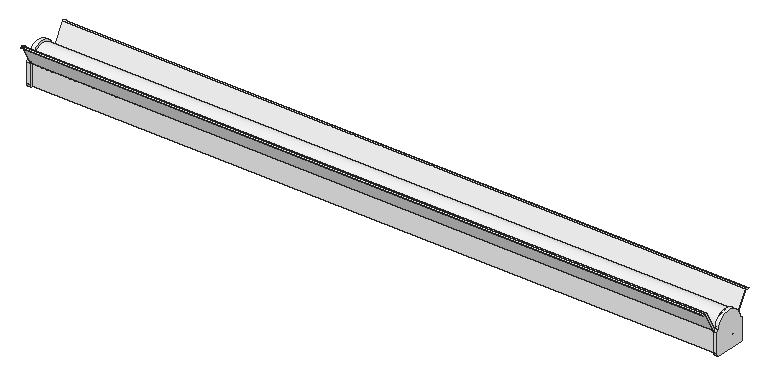
Revit family "0045186+0045235 Feilo Sylvania Lighting Fixture SYLBATTEN LED4 6000K TP3 with SYMMETRIC REFLECTOR ACCESSORY 1500MM", category Lighting Fixtures, host Face, Revit 2017
Family settings
  Host = Face
  Round Connector Dimension = Use Diameter
  Part Type = Normal
  OmniClass Number = 23.80.70.00
  OmniClass Title = Lighting
  Cut with Voids When Loaded = No
  Light Source = Yes
  Shared = No
  Room Calculation Point = No
Parameters (values of type "0045186 SYLBATTEN LED4 6000K TP3")
  Width_FEILO = 66 mm
  Weight = "3.17 kg"
  Wattage Comments = "n/a"
  Wattage = 39 W
  WarrantyStartDate [instance] = "n/a"
  WarrantyGuarantorParts = "n/a"
  WarrantyDurationUnit = "n/a"
  WarrantyDurationParts = "n/a"
  WarrantyDescription = "n/a"
  built-in parameter 1150110 = 1 (stored number, unit not read)
  Voltage = 230 V
  URL = "http://www.sylvania-lighting.com"
  TypeName = "SYLBATTEN LED4 6000K TP3"
  Type Image = <None>
  Type Comments = "n/a"
  built-in parameter 1114217 = 1 (stored number, unit not read)
  Tilt Angle = -90.00°
  built-in parameter 1150109 = 1 (stored number, unit not read)
  built-in parameter 1150134 = 5
  SymReflector_FEILO = yes
  built-in parameter 1150113 = 1 (stored number, unit not read)
  SerialNumber [instance] = "n/a"
  PowerFactor = 0
  PowerConsumption = "39 W"
  Photometric Web File = "0045186+0045235.ies"
  NominalLength = 1505 mm
  NominalHeight = 91 mm
  NominalDepth = 122 mm
  Name = "SYLBATTEN LED4 6000K TP3"
  ModelReference = Name  # "SYLBATTEN LED4 6000K TP3"
  ModelNumber = "0045186"
  Model = Name  # "SYLBATTEN LED4 6000K TP3"
  Material_4_FEILO = Reflector-Sylvania-Sylbatten-White
  Material_3_FEILO = Diffuser-Sylvania-Sylbatten-Glow
  Material_2_FEILO = Body-Sylvania-Sylbatten-White
  Material_1_FEILO = Body-Sylvania-Sylbatten-White
  Material = "sheet steel housing, polycarbonate diffuser"
  ManufacturerName = "Feilo Sylvania"
  Manufacturer = "Feilo Sylvania"
  LuminousEfficacy = "112.2 lm/W"
  built-in parameter 1150105 = 348.31 (stored number, unit not read)
  Lumens = 4376.97 lm
  LuminaireType = ""
  built-in parameter 1150115 = 1 (stored number, unit not read)
  LightOutputRatio = "100"
  built-in parameter 1150137 = (empty or 0)
  built-in parameter 1150139 = (empty or 0)
  Length_FEILO = 1505 mm
  LampsType = Lamp  # "LED"
  LampNominalLuminous = "4377 lm"
  LampMacAdamStep = "n/a"
  LampColourTemperature = "6000 K"
  LampColourRenderingIndex = "80"
  built-in parameter 1150112 = 1 (stored number, unit not read)
  built-in parameter 1150114 = 1 (stored number, unit not read)
  Lamp = "LED"
  Keynote = "16500"
  InstallationDate [instance] = "n/a"
  InputVoltage = "220-240V~"
  InputNominalFrequency = "n/a"
  built-in parameter 1150132 = (empty or 0)
  built-in parameter 1150102 = (empty or 0)
  built-in parameter 1150107 = 6000 (stored number, unit not read)
  built-in parameter 1150138 = (empty or 0)
  IngressProtection = "IP20"
  ImpactProtectionIndex = "IK07"
  built-in parameter 1150106 = 3.4831 (stored number, unit not read)
  IfcExportType = "IfcLightFixtureType"
  IfcExportAs = "IfcLightFixtureType"
  Height_FEILO = 76 mm
  ExpectedLife = 50000
  Emit from Rectangle Width = Length_FEILO - 16 mm  # 1489 mm
  Emit from Rectangle Length = Width_FEILO - 40 mm  # 26 mm
  Emit Shape Visible in Rendering = no
  ElectricShockClassification = "Class I"
  built-in parameter 1150104 = 10.427 (stored number, unit not read)
  DurationUnit = "hours"
  DocumentationLiterature = "http://www.sylvania-lighting.com/product/en-int/products/0045186"
  DimmingControlOptions = "n/a"
  Dimming Lamp Color Temperature Shift = <None>
  Description = "LED batten, T8 replacement, ease of installation through 2 part push-in design of the housing (safety cable included), through wiring capability (TP3 = 3 core), sheet steel, 4377M, 39W, 112m/W, 6000K, drive current: 350mA, CRI 80, 138° wide beam angle, electronic driver (non dimmable), IP20, IK07, 50,000 hrs (L70), (LxWxH) 1505x66x76mm, 5 step MacAdam ellipse, 3.7kg, white RAL 9016, Class 1, 220-240V, energy class: A++, A+, A."
  Default Elevation = 1219.2 mm
  CreatedOn = "1/25/2018"
  CreatedBy = ""
  Cost = 0
  Color Filter = 16777215
  built-in parameter 1114216 [instance] = (empty or 0)
  ClassificationValue = "EF_70_80"
  ClassificationName = "Uniclass2015"
  CapOffset_FEILO = 2 mm
  BarCode [instance] = "n/a"
  built-in parameter 1114218 = 1 (stored number, unit not read)
  BackReflector_FEILO = and(not(AsymReflector_FEILO), SymReflector_FEILO)  # yes
  built-in parameter 1150133 = 10 (stored number, unit not read)
  FrontReflector_FEILO = or(AsymReflector_FEILO, SymReflector_FEILO)  # yes
  AsymReflector_FEILO = no
  AssetType = "Fixed"
  AssetIdentifier [instance] = "n/a"
  Assembly Code = "D5020200"
  Apparent Load = 39 VA
Reference planes
  plane 1 "Center (Front/Back)": y = 0
  plane 2: z = 0
  plane 3 "Center (Left/Right)": x = 0
  plane 4: x = 752.5
  plane 5: x = -752.5
  plane 6: y = 33
  plane 7: y = -33
  plane 8: z = 76
  plane 9: z = 47
  plane 10: y = -29
  plane 11: y = 29
  plane 12: z = 20
  plane 13: z = 74
  plane 14: y = -31
  plane 15: y = -27
  plane 16: y = 27
  plane 17: y = 31
  plane 18: z = 2
  plane 19: x = -744.5
  plane 20: x = 744.5
  plane 21: z = 49
  plane 22: y = 1
  plane 23: y = -1
  plane 24: z = 21
  plane 25: z = 19
  plane 26: y = -61
  plane 27: y = 61
  plane 28: y = -56
  plane 29: y = 56
  plane 30: z = 91
  plane 31: z = 88
Forms (mm)
  Extrusion 1, solid, material "Body-Sylvania-Sylbatten-White" <- "Material_2_FEILO"
    sketch origin (0, 0, 0) x (0, 1, 0) y (0, 0, 1)
      loop
        line (-31, 2) -> (31, 2) -> (31, 45)
        arc (31, 45) -> (30.414, 46.414) -> (29, 47) r 2
        line (29, 47) -> (27, 47)
        arc (27, 47) -> (0, 74) -> (-27, 47) r 27
        line (-27, 47) -> (-29, 47)
        arc (-29, 47) -> (-30.414, 46.414) -> (-31, 45) r 2
        line (-31, 45) -> (-31, 2)
    from -744.5 to 744.5
  Extrusion 2, solid, material "Body-Sylvania-Sylbatten-White" <- "Material_2_FEILO"
    sketch origin (752.5, 1524, 1219.2) x (0, 1, 0) y (0, 0, 1)
      loop
        arc (-1494, -1219.2) -> (-1491.879, -1218.321) -> (-1491, -1216.2) r 3
        line (-1491, -1216.2) -> (-1491, -1173.2)
        arc (-1491, -1173.2) -> (-1491.879, -1171.079) -> (-1494, -1170.2) r 3
        line (-1494, -1170.2) -> (-1495.069, -1170.2)
        arc (-1495.069, -1170.2) -> (-1524, -1143.2) -> (-1552.931, -1170.2) r 29
        line (-1552.931, -1170.2) -> (-1554, -1170.2)
        arc (-1554, -1170.2) -> (-1556.121, -1171.079) -> (-1557, -1173.2) r 3
        line (-1557, -1173.2) -> (-1557, -1216.2)
        arc (-1557, -1216.2) -> (-1556.121, -1218.321) -> (-1554, -1219.2) r 3
        line (-1554, -1219.2) -> (-1494, -1219.2)
      loop
        arc (-1525, -1189.25) -> (-1531.071, -1192.129) -> (-1533.95, -1198.2) r 10
        line (-1533.95, -1198.2) -> (-1532.944, -1198.2)
        arc (-1532.944, -1198.2) -> (-1530.364, -1192.836) -> (-1525, -1190.256) r 9
        line (-1525, -1190.256) -> (-1525, -1189.25)
      loop
        arc (-1523, -1190.256) -> (-1517.636, -1192.836) -> (-1515.056, -1198.2) r 9
        line (-1515.056, -1198.2) -> (-1514.05, -1198.2)
        arc (-1514.05, -1198.2) -> (-1516.929, -1192.129) -> (-1523, -1189.25) r 10
        line (-1523, -1189.25) -> (-1523, -1190.256)
      loop
        line (-1532.944, -1200.2) -> (-1533.95, -1200.2)
        arc (-1533.95, -1200.2) -> (-1531.071, -1206.271) -> (-1525, -1209.15) r 10
        line (-1525, -1209.15) -> (-1525, -1208.144)
        arc (-1525, -1208.144) -> (-1530.364, -1205.564) -> (-1532.944, -1200.2) r 9
      loop
        arc (-1515.056, -1200.2) -> (-1517.636, -1205.564) -> (-1523, -1208.144) r 9
        line (-1523, -1208.144) -> (-1523, -1209.15)
        arc (-1523, -1209.15) -> (-1516.929, -1206.271) -> (-1514.05, -1200.2) r 10
        line (-1514.05, -1200.2) -> (-1515.056, -1200.2)
    from 0 to -8
  Extrusion 3, solid, material "Body-Sylvania-Sylbatten-White" <- "Material_2_FEILO"
    sketch origin (-752.5, 1524, 1219.2) x (0, 1, 0) y (0, 0, 1)
      loop
        arc (-1495.069, -1170.2) -> (-1524, -1143.2) -> (-1552.931, -1170.2) r 29
        line (-1552.931, -1170.2) -> (-1554, -1170.2)
        arc (-1554, -1170.2) -> (-1556.121, -1171.079) -> (-1557, -1173.2) r 3
        line (-1557, -1173.2) -> (-1557, -1216.2)
        arc (-1557, -1216.2) -> (-1556.121, -1218.321) -> (-1554, -1219.2) r 3
        line (-1554, -1219.2) -> (-1494, -1219.2)
        arc (-1494, -1219.2) -> (-1491.879, -1218.321) -> (-1491, -1216.2) r 3
        line (-1491, -1216.2) -> (-1491, -1173.2)
        arc (-1491, -1173.2) -> (-1491.879, -1171.079) -> (-1494, -1170.2) r 3
        line (-1494, -1170.2) -> (-1495.069, -1170.2)
      loop
        line (-1533.95, -1198.2) -> (-1532.944, -1198.2)
        arc (-1532.944, -1198.2) -> (-1530.364, -1192.836) -> (-1525, -1190.256) r 9
        line (-1525, -1190.256) -> (-1525, -1189.25)
        arc (-1525, -1189.25) -> (-1531.071, -1192.129) -> (-1533.95, -1198.2) r 10
      loop
        line (-1523, -1189.25) -> (-1523, -1190.256)
        arc (-1523, -1190.256) -> (-1517.636, -1192.836) -> (-1515.056, -1198.2) r 9
        line (-1515.056, -1198.2) -> (-1514.05, -1198.2)
        arc (-1514.05, -1198.2) -> (-1516.929, -1192.129) -> (-1523, -1189.25) r 10
      loop
        line (-1514.05, -1200.2) -> (-1515.056, -1200.2)
        arc (-1515.056, -1200.2) -> (-1517.636, -1205.564) -> (-1523, -1208.144) r 9
        line (-1523, -1208.144) -> (-1523, -1209.15)
        arc (-1523, -1209.15) -> (-1516.929, -1206.271) -> (-1514.05, -1200.2) r 10
      loop
        line (-1525, -1209.15) -> (-1525, -1208.144)
        arc (-1525, -1208.144) -> (-1530.364, -1205.564) -> (-1532.944, -1200.2) r 9
        line (-1532.944, -1200.2) -> (-1533.95, -1200.2)
        arc (-1533.95, -1200.2) -> (-1531.071, -1206.271) -> (-1525, -1209.15) r 10
    from 0 to 8
  Extrusion 4, solid, material "Reflector-Sylvania-Sylbatten-White" <- "Material_4_FEILO", visible <- "FrontReflector_FEILO"
    sketch origin (0, 0, 0) x (0, 1, 0) y (0, 0, 1)
      loop
        line (-61.257, 88.429) -> (-60.743, 87.571) -> (-56.621, 90.044)
        arc (-56.621, 90.044) -> (-56.237, 90.099) -> (-55.929, 89.863) r 0.5
        line (-55.929, 89.863) -> (-31.435, 46.753) -> (-30.565, 47.247) -> (-55.312, 90.802)
        arc (-55.312, 90.802) -> (-55.928, 91.275) -> (-56.696, 91.165) r 1
        line (-56.696, 91.165) -> (-61.257, 88.429)
    from -744.5 to 744.5
  Extrusion 5, solid, material "Reflector-Sylvania-Sylbatten-White" <- "Material_4_FEILO", visible <- "BackReflector_FEILO"
    sketch origin (0, 0, 0) x (0, 1, 0) y (0, 0, 1)
      loop
        line (30.565, 47.247) -> (31.435, 46.753) -> (55.932, 89.868)
        arc (55.932, 89.868) -> (56.245, 90.112) -> (56.638, 90.062) r 0.518
        line (56.638, 90.062) -> (61.033, 87.565) -> (61.527, 88.435) -> (56.682, 91.188)
        arc (56.682, 91.188) -> (55.922, 91.282) -> (55.318, 90.812) r 1
        line (55.318, 90.812) -> (30.565, 47.247)
    from -744.5 to 744.5
Lines and regions (mm)
  reference lines
    curve 1: line (0, -61, 88) -> (0, -56, 91)
    curve 2: line (0, -56, 91) -> (0, -31, 47)
    curve 3: line (0, 31, 47) -> (0, 56, 91)
    curve 4: line (0, 56, 91) -> (0, 61.28, 88)
Dimensions and locks
  equal spacing: plane 5, plane 3 "Center (Left/Right)", plane 4
  equal spacing: plane 7, plane 1 "Center (Front/Back)", plane 6
  "Width_FEILO": plane 7 to plane 6
  "Length_FEILO": plane 5 to plane 4
  "Height_FEILO": plane 8 to plane 2
  locked: plane 9 to plane 8 at 29
  equal spacing: plane 10, plane 1 "Center (Front/Back)", plane 11
  locked: plane 7 to plane 10 at 4
  locked: plane 12 to plane 2 at 20
  "CapOffset_FEILO": plane 13 to plane 8
  "CapOffset_FEILO": plane 7 to plane 14
  "CapOffset_FEILO": plane 10 to plane 15
  "CapOffset_FEILO": plane 17 to plane 6
  "CapOffset_FEILO": plane 16 to plane 11
  "CapOffset_FEILO": plane 18 to plane 2
  locked: plane 14 to Extrusion 1 sketch curve at 2
  locked: Extrusion 1 sketch curve to plane 9 at 2  (x2)
  locked: plane 16 to Extrusion 1 sketch curve at 2
  equal spacing: plane 19, plane 3 "Center (Left/Right)", plane 20
  locked: plane 5 to plane 19 at 8
  "CapOffset_FEILO": plane 9 to plane 21
  locked: Extrusion 2 sketch curve to plane 2 at 47
  locked: Extrusion 1 sketch curve to plane 2 at 47
  locked: Extrusion 2 sketch curve to plane 2 at 3  (x2)
  locked: plane 7 to Extrusion 2 sketch curve at 3  (x2)
  locked: Extrusion 2 sketch curve to plane 6 at 3  (x2)
  locked: Extrusion 2 sketch curve to plane 21 at 3  (x2)
  equal spacing: plane 23, plane 1 "Center (Front/Back)", plane 22
  equal spacing: plane 25, plane 12, plane 24
  plane 30 to plane 31 to plane 2 = 3 mm locked, 88 mm locked
  plane 28 to plane 29 = 112 mm
  plane 26 to plane 27 = 122 mm
  aligned and locked: plane 2 to host face
  aligned and locked: level to host face
  aligned and locked: plane 18 to Extrusion 1 sketch curve
  aligned and locked: plane 14 to Extrusion 1 sketch curve
  aligned and locked: Extrusion 1 sketch curve to plane 9  (x2)
  aligned and locked: Extrusion 1 sketch curve to plane 17
  aligned and locked: plane 15 to Extrusion 1 sketch curve
  aligned and locked: plane 16 to Extrusion 1 sketch curve
  aligned and locked: plane 9 to Extrusion 1 sketch curve
  aligned and locked: plane 20 to Extrusion 1
  aligned and locked: level to Extrusion 2 sketch curve
  aligned and locked: Extrusion 2 sketch curve to plane 7
  aligned and locked: plane 21 to Extrusion 2 sketch curve
  aligned and locked: Extrusion 2 sketch curve to plane 21
  aligned and locked: plane 1 "Center (Front/Back)" to Extrusion 2 sketch curve  (x3)
  aligned and locked: Extrusion 2 to Extrusion 1
  aligned and locked: plane 4 to Extrusion 2
  aligned and locked: plane 12 to Extrusion 2 sketch curve  (x2)
  aligned and locked: Extrusion 2 sketch curve to plane 22
  aligned and locked: Extrusion 2 sketch curve to plane 23
  aligned and locked: Extrusion 2 sketch curve to plane 24
  aligned and locked: Extrusion 2 sketch curve to plane 25
  aligned and locked: plane 25 to Extrusion 2 sketch curve
  aligned and locked: plane 22 to Extrusion 2 sketch curve
  aligned and locked: plane 24 to Extrusion 2 sketch curve
  aligned and locked: plane 23 to Extrusion 2 sketch curve  (x2)
  aligned and locked: Extrusion 3 sketch curve to Extrusion 2  (x22)
  aligned and locked: Extrusion 3 to Extrusion 1
  aligned and locked: Extrusion 3 to plane 5
  aligned and locked: plane 19 to Extrusion 3
  aligned and locked: plane 31 to curve 1
  aligned and locked: plane 30 to curve 1
  aligned and locked: plane 14 to curve 2
  aligned and locked: plane 9 to curve 2
  aligned and locked: plane 17 to curve 3
  aligned and locked: plane 30 to curve 3
  aligned and locked: plane 31 to curve 4
  aligned and locked: Extrusion 4 sketch curve to curve 2
  aligned and locked: Extrusion 4 sketch curve to curve 1
  aligned and locked: Extrusion 4 to Extrusion 1
  aligned and locked: Extrusion 1 to Extrusion 4
  aligned and locked: imposter light to plane 1 "Center (Front/Back)"
  aligned and locked: imposter light to plane 3 "Center (Left/Right)"
  aligned and locked: imposter light to plane 13
  aligned and locked: Extrusion 5 sketch curve to curve 4
  aligned and locked: Extrusion 5 sketch curve to curve 3
  aligned and locked: Extrusion 1 to Extrusion 5
  aligned and locked: Extrusion 5 to Extrusion 1
Automatic sketch dimensions
  host sketch curve to host sketch curve = 2438.4 mm  (x2)
  Extrusion 2 sketch curve to Extrusion 2 sketch curve = 0 mm  (x14)
  Extrusion 2 sketch curve to plane 10 = 0.069 mm
  plane 23 to Extrusion 2 sketch curve = 8.95 mm
  Extrusion 2 sketch curve to Extrusion 2 sketch curve = 1.006 mm  (x4)
  Extrusion 2 sketch curve to plane 22 = 7.944 mm
  curve 1 to plane 26 = 0 mm
  curve 2 to plane 28 = 0 mm
  curve 4 to plane 29 = 0 mm
  plane 9 to curve 3 = 0 mm
  plane 26 to Extrusion 4 sketch curve = 0.257 mm
  Extrusion 4 sketch curve to plane 26 = 0.257 mm
  Extrusion 4 sketch curve to plane 30 = 0.165 mm
  plane 28 to Extrusion 4 sketch curve = 0.696 mm
  plane 28 to Extrusion 4 sketch curve = 0.621 mm
  plane 28 to Extrusion 4 sketch curve = 0.364 mm
  plane 28 to Extrusion 4 sketch curve = 0.182 mm
  Extrusion 4 sketch curve to plane 28 = 0.071 mm
  plane 30 to Extrusion 4 sketch curve = 0.198 mm
  Extrusion 4 sketch curve to plane 28 = 0.688 mm
  plane 9 to Extrusion 4 sketch curve = 0.247 mm
  plane 1 "Center (Front/Back)" to Extrusion 4 sketch curve = 31.435 mm
  Extrusion 5 sketch curve to plane 9 = 0.247 mm
  Extrusion 5 sketch curve to plane 1 "Center (Front/Back)" = 30.565 mm
  plane 9 to Extrusion 5 sketch curve = 0.247 mm
  plane 30 to Extrusion 5 sketch curve = 0.188 mm
  plane 29 to Extrusion 5 sketch curve = 0.068 mm
  Extrusion 5 sketch curve to plane 29 = 0.188 mm
  Extrusion 5 sketch curve to plane 29 = 0.382 mm
  Extrusion 5 sketch curve to Extrusion 5 sketch curve = 0.256 mm
  Extrusion 5 sketch curve to plane 30 = 0.188 mm
  Extrusion 5 sketch curve to plane 29 = 0.682 mm
  Extrusion 5 sketch curve to plane 27 = 0.033 mm
  Extrusion 5 sketch curve to plane 27 = 0.527 mm
Connectors
  electrical at (0, 0, 0), driven by "Apparent Load", driven by "PowerFactor", driven by "Voltage"
    settings: index 1, voltage 230 V, apparent load 39 VA, apparent load phase1 0 VA, apparent load phase2 0 VA, apparent load phase3 0 VA, power factor 0, load classification "Lighting", number of poles 1, system type 30, power factor state 1, is connector primary yes, connector utility no, sub classification motor no, connector description ""
